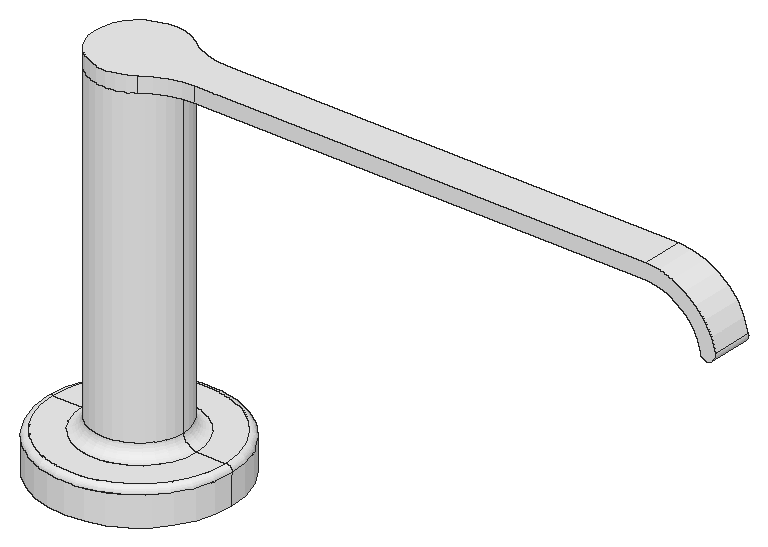
Revit family "xToilet_Tissue_Holder-American_Standard-Studio_S-7105.230", category Specialty Equipment, host Face, Revit 2014
Parameters (values of type "7105.230")
  Width = 4 1/16"  # constant formula
  Warranty Information = "One Year General Product Warranty"  # constant formula
  URL = "https://www.americanstandard-us.com/"
  Type Comments = ""
  Specification = "Toilet Paper Holder shall feature metal construction. Shall feature concealed mounting with no exposed set screws. Toilet Paper Holder shall be American Standard Model 7105.230."  # constant formula
  Product Page URL = "https://www.americanstandard-us.com/bathroom/bathroom-accessories/studio-s-toilet-paper-holder-32014"
  Product Documentation Link = "https://www.americanstandard-us.com/-/media/sites/asus/files/product-specs/bathroom-accessories/2017/specsheet-7105230.pdf?la=en"
  Price = "Prices may vary. Please consult Manufacturer Representative for most up-to-date price list."  # constant formula
  Model = "7105.230"  # constant formula
  Material = "Metal-American Standard-002-Polished Chrome"
  Manufacturer = "American Standard"  # constant formula
  Length = 6 3/8"  # constant formula
  Installation Type = "Wall Mount"  # constant formula
  Height = 2"  # constant formula
  Finish = Metal-American Standard-002-Polished Chrome
  Description = "Studio S Toilet Paper Holder"  # constant formula
  Default Elevation = 20"  # constant formula
  Creation Date = "01/04/2018"  # constant formula
  Assembly Code = "C1030220"
Reference planes (in)
  plane 1 "Center (Front/Back)": y = 0
  plane 2: z = 0
  plane 3 "Center (Left/Right)": x = 0
  plane 4: x = 6.375
  plane 5: x = 1
  plane 6: x = -1
  plane 7: y = 1
  plane 8: y = -1
  plane 9: z = 4.0625
Forms (in)
  Revolve 1, solid, material "Metal-American Standard-002-Polished Chrome" <- "Finish"
    sketch origin (0, 0, 0) x (1, 0, 0) y (0, 0, 1)
      loop
        line (-1, 0) -> (0, 0) -> (0, 3.89484) -> (-0.47754, 3.89484) -> (-0.47754, 0.52249)
        arc (-0.47754, 0.52249) -> (-0.51807, 0.42464) -> (-0.61592, 0.38411) r 0.13838
        line (-0.61592, 0.38411) -> (-0.93225, 0.38411)
        arc (-0.93225, 0.38411) -> (-0.98016, 0.36427) -> (-1, 0.31636) r 0.06775
        line (-1, 0.31636) -> (-1, 0)
      axis (0, 3.89484) -> (0, 0)
    angle from 0 to 360
  Extrusion 2, solid, material "Metal-American Standard-002-Polished Chrome" <- "Finish"
    sketch origin (0, 0, 0) x (1, 0, 0) y (0, 1, 0)
      loop
        arc (0.2888, -0.38031) -> (0.51425, -0.26089) -> (0.76601, -0.21965) r 0.78906
        line (0.76601, -0.21965) -> (1.1582, -0.21965) -> (1.1582, 0.21965) -> (0.76613, 0.21965)
        arc (0.76613, 0.21965) -> (0.51429, 0.2609) -> (0.28877, 0.38034) r 0.78942
        arc (0.28877, 0.38034) -> (-0.47754, -0.00002) -> (0.2888, -0.38031) r 0.47754
    from 3.89484 to 4.0625
  Sweep 3, solid, material "Metal-American Standard-002-Polished Chrome" <- "Finish"
    path origin (0, 0, 0) x (1, 0, 0) y (0, 0, 1)
      loop
        line (1.1582, 4.0625) -> (5.625, 4.0625)
        arc (5.625, 4.0625) -> (6.21713, 3.78194) -> (6.375, 3.14601) r 0.76512
    profile origin (3.3916, 0, 4.0625) x (0, 0, 1) y (0, -1, 0)
      loop
        line (0, -0.21965) -> (0, 0.21965) -> (-0.16766, 0.21965) -> (-0.16766, -0.21965) -> (0, -0.21965)
  Extrusion 4, void
    sketch origin (-0.00146, 0, 0.00732) x (1, 0, 0) y (0, 0, 1)
      loop
        line (6.418, 3.0933) -> (6.418, 3.44216) -> (6.37631, 3.44216)
        arc (6.37631, 3.44216) -> (6.33647, 3.35023) -> (6.23644, 3.35589) r 0.08756
        arc (6.23644, 3.35589) -> (6.22256, 3.37166) -> (6.21528, 3.39136) r 0.0575
        arc (6.21528, 3.39136) -> (6.21032, 3.41684) -> (6.20426, 3.44208) r 0.59746
        line (6.20426, 3.44208) -> (6.13082, 3.44208) -> (6.13082, 3.0933) -> (6.418, 3.0933)
    from -0.21965 to 0.21965
Cuts and joins
  Extrusion 4 cuts Sweep 3
  joined: Revolve 1, Extrusion 2, Sweep 3
Lines and regions (in)
  Masking region 1
    outline origin (0, 0, 0) x (1, 0, 0) y (0, 0, 1)
      loop
        arc (6.21381, 3.39869) -> (6.2211, 3.37898) -> (6.23497, 3.36321) r 0.0575
        arc (6.23497, 3.36321) -> (6.33501, 3.35756) -> (6.37485, 3.44949) r 0.08756
        arc (6.37485, 3.44949) -> (6.10927, 3.88974) -> (5.625, 4.0625) r 0.76512
        line (5.625, 4.0625) -> (-0.47754, 4.0625) -> (-0.47823, 0.52037)
        arc (-0.47823, 0.52037) -> (-0.51805, 0.42424) -> (-0.61418, 0.38442) r 0.13595
        line (-0.61418, 0.38442) -> (-0.93377, 0.38442)
        arc (-0.93377, 0.38442) -> (-0.9806, 0.36502) -> (-1, 0.31819) r 0.06623
        line (-1, 0.31819) -> (-1, 0) -> (1, 0) -> (1, 0.31819)
        arc (1, 0.31819) -> (0.9806, 0.36502) -> (0.93377, 0.38442) r 0.06623
        line (0.93377, 0.38442) -> (0.61418, 0.38442)
        arc (0.61418, 0.38442) -> (0.51805, 0.42424) -> (0.47823, 0.52037) r 0.13595
        line (0.47823, 0.52037) -> (0.47823, 3.89484) -> (5.625, 3.89484)
        arc (5.625, 3.89484) -> (6.00999, 3.75426) -> (6.21381, 3.39869) r 0.59746
  symbolic lines, detail levels fine
    curve 1: line (0.47754, 0, 3.89484) -> (-0.47754, 0, 3.89484)
  symbolic lines, detail levels medium+fine
    curve 2: line (0.61418, 0, 0.38442) -> (-0.61418, 0, 0.38442)
Dimensions and locks (in)
  "Length": plane 4 to plane 3 "Center (Left/Right)"
  "Width": plane 2 to plane 9
  "Height": plane 8 to plane 7
  aligned and locked: plane 2 to host face
  aligned and locked: level to host face
Automatic sketch dimensions
  host sketch curve to host sketch curve = 96"  (x2)
  Revolve 1 sketch curve to level = 0"  (x2)
  Revolve 1 sketch curve to plane 6 = 0"
  Revolve 1 sketch curve to plane 3 "Center (Left/Right)" = 0"  (x2)
  plane 6 to Revolve 1 sketch curve = 0.06775"
  Revolve 1 sketch curve to Revolve 1 sketch curve = 0.31633"
  Revolve 1 sketch curve to Revolve 1 sketch curve = 0.13838"
  level to Revolve 1 sketch curve = 0.31636"
  plane 9 to Revolve 1 sketch curve = 0.16766"
  Revolve 1 sketch curve to level = 1/4"
  plane 1 "Center (Front/Back)" to Extrusion 2 sketch curve = 0"
  Extrusion 2 sketch curve to plane 3 "Center (Left/Right)" = 0"
  Extrusion 2 sketch curve to plane 5 = 0.23399"
  Extrusion 2 sketch curve to plane 5 = 0.23387"
  plane 5 to Extrusion 2 sketch curve = 0.1582"
  plane 1 "Center (Front/Back)" to Extrusion 2 sketch curve = 0.21965"
  plane 8 to Extrusion 2 sketch curve = 0.00872"
  Extrusion 2 sketch curve to plane 1 "Center (Front/Back)" = 0.21965"
  Extrusion 2 sketch curve to plane 7 = 0.00907"
  Extrusion 2 sketch curve to Extrusion 2 sketch curve = 0"
  Sweep 3 sketch curve to plane 9 = 0"
  Sweep 3 sketch curve to plane 4 = 0"
  Sweep 3 sketch curve to plane 4 = 3/4"
  Sweep 3 sketch curve to Sweep 3 sketch curve = 0.76512"
  plane 5 to Sweep 3 sketch curve = 0.1582"
  profile plane to Sweep 3 sketch curve = 0"
  Sweep 3 sketch curve to Sweep 3 sketch curve = 0.16766"
  Sweep 3 sketch curve to plane 1 "Center (Front/Back)" = 0.21965"
  plane 1 "Center (Front/Back)" to Sweep 3 sketch curve = 0.21965"
  Extrusion 4 sketch curve to plane 4 = 3/4"
  Extrusion 4 sketch curve to plane 4 = 0.24564"
  Extrusion 4 sketch curve to Extrusion 4 sketch curve = 0.07344"
  Extrusion 4 sketch curve to Extrusion 4 sketch curve = 0.06768"
  Extrusion 4 sketch curve to Extrusion 4 sketch curve = 0.01856"
  Extrusion 4 sketch curve to plane 4 = 0.00015"
  plane 4 to Extrusion 4 sketch curve = 0.04153"
  plane 9 to Extrusion 4 sketch curve = 0.96187"
  Extrusion 4 sketch curve to Extrusion 4 sketch curve = 0.19675"
  Extrusion 4 sketch curve to Extrusion 4 sketch curve = 0.30781"
  Extrusion 4 sketch curve to Extrusion 4 sketch curve = 0.02365"
  Extrusion 4 sketch curve to Extrusion 4 sketch curve = 0.04097"
  Extrusion 4 sketch curve to Extrusion 4 sketch curve = 0.01741"
  Extrusion 4 sketch curve to Extrusion 4 sketch curve = 0"
  Masking region 1 sketch curve to Masking region 1 sketch curve = 0"  (x4)
  Masking region 1 sketch curve to plane 6 = 0"
  Masking region 1 sketch curve to plane 9 = 0"
  Masking region 1 sketch curve to plane 5 = 0"
  Masking region 1 sketch curve to level = 0"
  plane 6 to Masking region 1 sketch curve = 0.06623"
  Masking region 1 sketch curve to Masking region 1 sketch curve = 0.31959"
  plane 3 "Center (Left/Right)" to Masking region 1 sketch curve = 0.47823"
  Masking region 1 sketch curve to Masking region 1 sketch curve = 0.13595"  (x3)
  Masking region 1 sketch curve to Masking region 1 sketch curve = 0.06623"
  plane 9 to Masking region 1 sketch curve = 0.16766"
  Masking region 1 sketch curve to plane 4 = 3/4"
  Masking region 1 sketch curve to plane 4 = 0.10452"
  Masking region 1 sketch curve to Masking region 1 sketch curve = 0.01856"
  level to Masking region 1 sketch curve = 0.31819"  (x2)
  Masking region 1 sketch curve to Masking region 1 sketch curve = 0.59746"
  plane 9 to Masking region 1 sketch curve = 0.65406"
  Masking region 1 sketch curve to Masking region 1 sketch curve = 0.02365"
  Masking region 1 sketch curve to plane 3 "Center (Left/Right)" = 0.47754"
  plane 6 to curve 2 = 0.38582"
  plane 9 to curve 1 = 0.16766"
  curve 1 to plane 3 "Center (Left/Right)" = 0.47754"
  plane 3 "Center (Left/Right)" to curve 1 = 0.47754"
  curve 2 to plane 5 = 0.38582"
  level to curve 2 = 0.38442"
